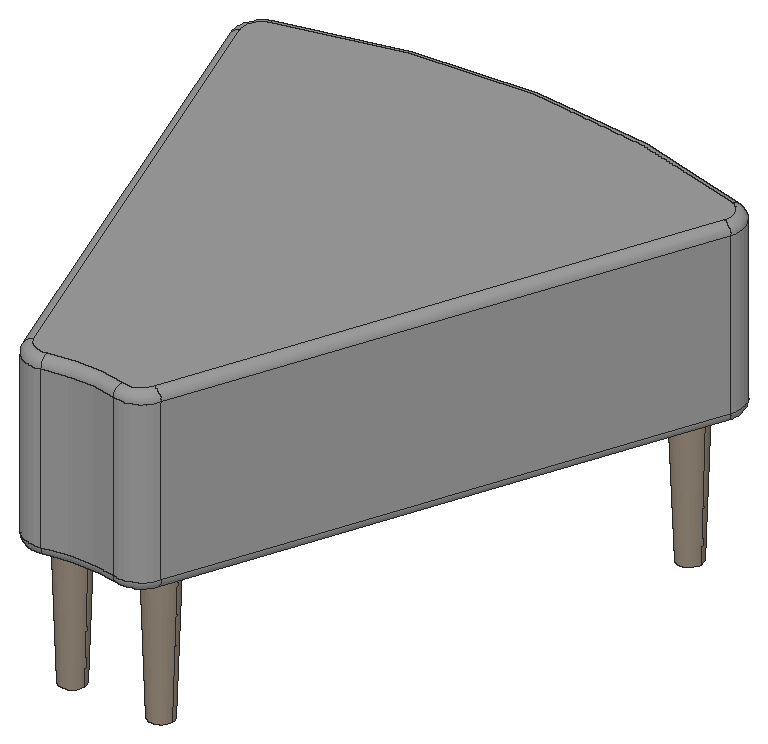
Revit family "Rise_RS-45-SPN-UPH_45DegSpannerUpholsteredTop", category Furniture, Revit 2021
Family settings
  OmniClass Number = 23.40.20.00
  OmniClass Title = General Furniture and Specialties
  Work Plane-Based = No
  Always vertical = Yes
  Cut with Voids When Loaded = No
  Shared = No
  Room Calculation Point = No
Parameters
  width = 29.34"
  seat material = Fabric 17i
  seat height = 16 1/2"
  front width = 6.29"
  depth = 30.79"
  Default Elevation = 0"
  Base material = wooden base 17
Reference planes (in)
  plane 1 "Center Front/Back": y = 0
  plane 2: z = 0
  plane 3 "Center Left/Right": x = 0
  plane 4: y = 15.395
  plane 5: y = -15.395
  plane 6: x = -14.67
  plane 7: x = 14.67
  plane 8: z = 16.5
  plane 9: z = 7.125
  plane 10: x = 3.145
  plane 11: x = -3.145
  plane 12: z = 17
  plane 13: through (-3.145, -15.395, 48) normal (-0.9365, -0.3506, 0)
  plane 14: through (3.145, -15.395, 48) normal (-0.9365, 0.3506, 0)
Forms (in)
  Blend 1, solid, material "wooden base 17" <- "Base material", not visible
    base sketch origin (-54.96047, -58.74858, 0) x (1, 0, 0) y (0, 1, 0)
      loop
        circle (63.95812, 51.59209) r 0.875
    top sketch origin (-54.96047, -58.74858, 0) x (1, 0, 0) y (0, 1, 0)
      loop
        circle (63.95812, 51.59209) r 0.62593
    from 7.12323 to 0
  Extrusion 2, void, not visible
    sketch origin (-14.90551, -56.33207, 0) x (1, 0, 0) y (0, 1, 0)
      loop
        circle (23.90316, 49.17558) r 0.3906
    from 0 to 7.12323
  Blend 3, solid, material "wooden base 17" <- "Base material"
    base sketch origin (-74.97802, -15.39422, 0) x (1, 0, 0) y (0, 1, 0)
      loop
        circle (63.95812, 26.80283) r 0.875
    top sketch origin (-74.97802, -15.39422, 0) x (1, 0, 0) y (0, 1, 0)
      loop
        circle (63.95812, 26.80283) r 0.62593
    from 7.12323 to 0
  Extrusion 4, void
    sketch origin (-34.92306, -12.97771, 0) x (1, 0, 0) y (0, 1, 0)
      loop
        circle (23.90316, 24.38632) r 0.3906
    from 0 to 7.12323
  Blend 5, solid, material "wooden base 17" <- "Base material"
    base sketch origin (-66.28069, -39.19746, 0) x (1, 0, 0) y (0, 1, 0)
      loop
        circle (63.95812, 26.80283) r 0.875
    top sketch origin (-66.28069, -39.19746, 0) x (1, 0, 0) y (0, 1, 0)
      loop
        circle (63.95812, 26.80283) r 0.62593
    from 7.12323 to 0
  Extrusion 6, void
    sketch origin (-26.22573, -36.78095, 0) x (1, 0, 0) y (0, 1, 0)
      loop
        circle (23.90316, 24.38632) r 0.3906
    from 0 to 7.12323
  Extrusion 7, solid, material "Fabric 17i" <- "seat material"
    sketch origin (0, 0, 0) x (1, 0, 0) y (0, 1, 0)
      loop
        arc (-3.65, -14.04584) -> (-2.94718, -14.8456) -> (-1.89069, -14.97751) r 1.5
        arc (-1.89069, -14.97751) -> (0, -14.75088) -> (1.89069, -14.97751) r 8
        arc (1.89069, -14.97751) -> (2.94718, -14.8456) -> (3.65, -14.04584) r 1.5
        line (3.65, -14.04584) -> (13.17503, 11.40107)
        arc (13.17503, 11.40107) -> (13.12694, 12.56668) -> (12.25821, 13.34531) r 1.5
        arc (12.25821, 13.34531) -> (0, 15.395) -> (-12.25821, 13.34531) r 37.68
        arc (-12.25821, 13.34531) -> (-13.12694, 12.56668) -> (-13.17503, 11.40107) r 1.5
        line (-13.17503, 11.40107) -> (-3.65, -14.04584)
    from 7.125 to 16.5
  Blend 8, solid, material "wooden base 17" <- "Base material"
    base sketch origin (74.97802, 63.0007, 0) x (-1, 0, 0) y (0, -1, 0)
      loop
        circle (63.95812, 51.59209) r 0.875
    top sketch origin (74.97802, 63.0007, 0) x (-1, 0, 0) y (0, -1, 0)
      loop
        circle (63.95812, 51.59209) r 0.62593
    from 7.12323 to 0
  Extrusion 9, void
    sketch origin (34.92306, 60.58419, 0) x (-1, 0, 0) y (0, -1, 0)
      loop
        circle (23.90316, 49.17558) r 0.3906
    from 0 to 7.12323
  Blend 10, solid, material "wooden base 17" <- "Base material"
    base sketch origin (66.28069, 39.19746, 0) x (-1, 0, 0) y (0, -1, 0)
      loop
        circle (63.95812, 51.59209) r 0.875
    top sketch origin (66.28069, 39.19746, 0) x (-1, 0, 0) y (0, -1, 0)
      loop
        circle (63.95812, 51.59209) r 0.62593
    from 7.12323 to 0
  Extrusion 11, void
    sketch origin (26.22573, 36.78095, 0) x (-1, 0, 0) y (0, -1, 0)
      loop
        circle (23.90316, 49.17558) r 0.3906
    from 0 to 7.12323
  Sweep 12, void
    path in 3D
      loop
        arc (-3.65, -14.04584, 16.5) -> (-2.94718, -14.8456, 16.5) -> (-1.89069, -14.97751, 16.5) r 1.5
        arc (-1.89069, -14.97751, 16.5) -> (0, -14.75088, 16.5) -> (1.89069, -14.97751, 16.5) r 8
        arc (1.89069, -14.97751, 16.5) -> (2.94718, -14.8456, 16.5) -> (3.65, -14.04584, 16.5) r 1.5
        line (3.65, -14.04584, 16.5) -> (13.17503, 11.40107, 16.5)
        arc (13.17503, 11.40107, 16.5) -> (13.12694, 12.56668, 16.5) -> (12.25821, 13.34531, 16.5) r 1.5
        arc (12.25821, 13.34531, 16.5) -> (0, 15.395, 16.5) -> (-12.25821, 13.34531, 16.5) r 37.68
        arc (-12.25821, 13.34531, 16.5) -> (-13.12694, 12.56668, 16.5) -> (-13.17503, 11.40107, 16.5) r 1.5
        line (-13.17503, 11.40107, 16.5) -> (-3.65, -14.04584, 16.5)
    profile origin (-8.41252, -1.32238, 16.5) x (0.936542, 0.350557, 0) y (0, 0, 1)
      loop
        line (0, 0) -> (0, -0.5)
        arc (0, -0.5) -> (0.14645, -0.14645) -> (0.5, 0) r 0.5
        line (0.5, 0) -> (0, 0)
  Sweep 13, void
    path in 3D
      loop
        arc (-13.17503, 11.40107, 7.125) -> (-13.12694, 12.56668, 7.125) -> (-12.25821, 13.34531, 7.125) r 1.5
        arc (-12.25821, 13.34531, 7.125) -> (0, 15.395, 7.125) -> (12.25821, 13.34531, 7.125) r 37.68
        arc (12.25821, 13.34531, 7.125) -> (13.12694, 12.56668, 7.125) -> (13.17503, 11.40107, 7.125) r 1.5
        line (13.17503, 11.40107, 7.125) -> (3.65, -14.04584, 7.125)
        arc (3.65, -14.04584, 7.125) -> (2.94718, -14.8456, 7.125) -> (1.89069, -14.97751, 7.125) r 1.5
        arc (1.89069, -14.97751, 7.125) -> (0, -14.75088, 7.125) -> (-1.89069, -14.97751, 7.125) r 8
        arc (-1.89069, -14.97751, 7.125) -> (-2.94718, -14.8456, 7.125) -> (-3.65, -14.04584, 7.125) r 1.5
        line (-3.65, -14.04584, 7.125) -> (-13.17503, 11.40107, 7.125)
    profile origin (-8.41252, -1.32238, 7.125) x (0.936542, 0.350557, 0) y (0, 0, -1)
      loop
        line (0, 0) -> (0, -0.5)
        arc (0, -0.5) -> (0.14645, -0.14645) -> (0.5, 0) r 0.5
        line (0.5, 0) -> (0, 0)
Cuts and joins
  Extrusion 4, Extrusion 6, Extrusion 9 cuts Blend 3
  Extrusion 6, Extrusion 11 cuts Blend 5
  Extrusion 9, Sweep 12, Sweep 13 cuts Extrusion 7
  Extrusion 9 cuts Blend 8
  Extrusion 11 cuts Blend 10
Lines and regions (in)
  sketch lines
    curve 1: line (-13.17503, 11.40107, 16.5) -> (-3.65, -14.04584, 16.5)
    curve 2: arc (-13.17503, 11.40107, 16.5) -> (-13.12694, 12.56668, 16.5) -> (-12.25821, 13.34531, 16.5) r 1.5
    curve 3: arc (-12.25821, 13.34531, 16.5) -> (0, 15.395, 16.5) -> (12.25821, 13.34531, 16.5) r 37.68
    curve 4: arc (12.25821, 13.34531, 16.5) -> (13.12694, 12.56668, 16.5) -> (13.17503, 11.40107, 16.5) r 1.5
    curve 5: line (3.65, -14.04584, 16.5) -> (13.17503, 11.40107, 16.5)
    curve 6: arc (3.65, -14.04584, 16.5) -> (2.94718, -14.8456, 16.5) -> (1.89069, -14.97751, 16.5) r 1.5
    curve 7: arc (1.89069, -14.97751, 16.5) -> (0, -14.75088, 16.5) -> (-1.89069, -14.97751, 16.5) r 8
    curve 8: arc (-1.89069, -14.97751, 16.5) -> (-2.94718, -14.8456, 16.5) -> (-3.65, -14.04584, 16.5) r 1.5
    curve 9: line (-3.65, -14.04584, 7.125) -> (-13.17503, 11.40107, 7.125)
    curve 10: arc (-3.65, -14.04584, 7.125) -> (-2.94718, -14.8456, 7.125) -> (-1.89069, -14.97751, 7.125) r 1.5
    curve 11: arc (-1.89069, -14.97751, 7.125) -> (0, -14.75088, 7.125) -> (1.89069, -14.97751, 7.125) r 8
    curve 12: arc (1.89069, -14.97751, 7.125) -> (2.94718, -14.8456, 7.125) -> (3.65, -14.04584, 7.125) r 1.5
    curve 13: line (13.17503, 11.40107, 7.125) -> (3.65, -14.04584, 7.125)
    curve 14: arc (13.17503, 11.40107, 7.125) -> (13.12694, 12.56668, 7.125) -> (12.25821, 13.34531, 7.125) r 1.5
    curve 15: arc (12.25821, 13.34531, 7.125) -> (0, 15.395, 7.125) -> (-12.25821, 13.34531, 7.125) r 37.68
    curve 16: arc (-12.25821, 13.34531, 7.125) -> (-13.12694, 12.56668, 7.125) -> (-13.17503, 11.40107, 7.125) r 1.5
Dimensions and locks (in)
  equal spacing: plane 6, plane 3 "Center Left/Right", plane 7
  equal spacing: plane 4, plane 1 "Center Front/Back", plane 5
  "depth": plane 4 to plane 5
  "width": plane 6 to plane 7
  "seat height": plane 8 to level
  plane 9 to level = 7 1/8"
  equal spacing: plane 11, plane 3 "Center Left/Right", plane 10
  "front width": plane 11 to plane 10
  diameter of Blend 1 sketch curve = 1.25187"
  diameter of Extrusion 2 sketch curve = 0.7812"
  diameter of Blend 3 sketch curve = 1.25187"
  diameter of Extrusion 4 sketch curve = 0.7812"
  diameter of Blend 5 sketch curve = 1.25187"
  diameter of Extrusion 6 sketch curve = 0.7812"
  diameter of Blend 8 sketch curve = 1.25187"
  diameter of Extrusion 9 sketch curve = 0.7812"
  diameter of Blend 10 sketch curve = 1.25187"
  diameter of Extrusion 11 sketch curve = 0.7812"
  aligned and locked: level to plane 2
  aligned and locked: Extrusion 7 sketch curve to plane 13
  aligned and locked: Extrusion 7 sketch curve to plane 14
  aligned and locked: plane 8 to Extrusion 7
  aligned and locked: Extrusion 7 to plane 9
Automatic sketch dimensions
  Extrusion 7 sketch curve to plane 3 "Center Left/Right" = 0"  (x2)
  Extrusion 7 sketch curve to plane 11 = 0.89981"
  plane 11 to Extrusion 7 sketch curve = 0.505"
  plane 6 to Extrusion 7 sketch curve = 2.89978"
  plane 6 to Extrusion 7 sketch curve = 1.49497"
  plane 10 to Extrusion 7 sketch curve = 0.89981"
  Extrusion 7 sketch curve to plane 10 = 0.505"
  Extrusion 7 sketch curve to plane 7 = 2.89978"
  Extrusion 7 sketch curve to plane 7 = 1.49497"
  Extrusion 7 sketch curve to plane 5 = 6.89"
  Extrusion 7 sketch curve to Extrusion 7 sketch curve = 0.46588"
  Extrusion 7 sketch curve to Extrusion 7 sketch curve = 0.52584"  (x4)
  Extrusion 7 sketch curve to Extrusion 7 sketch curve = 0"  (x2)
  Sweep 12 sketch curve to profile plane = 0"  (x2)
  Sweep 12 sketch curve to Sweep 12 sketch curve = 1/2"
  Sweep 13 sketch curve to profile plane = 0"  (x2)
  Sweep 13 sketch curve to profile plane = 1/2"
  radius of Blend 1 sketch curve = 7/8"
  radius of Blend 3 sketch curve = 7/8"
  radius of Blend 5 sketch curve = 7/8"
  radius of Blend 8 sketch curve = 7/8"
  radius of Blend 10 sketch curve = 7/8"
